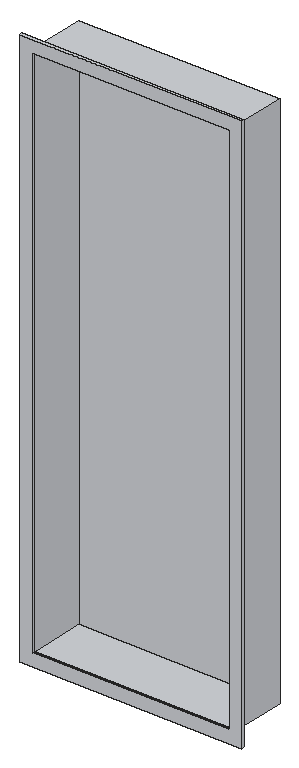
Revit family "Hager-Volta-IP30-Hollow_wall-vuoto-NoHosted-CH-it", category Electrical Equipment, Revit 2020
Family settings
  Panel Configuration = Two Columns, Circuits Across
  Round Connector Dimension = Use Diameter
  Part Type = Panelboard
  Work Plane-Based = Yes
  Always vertical = Yes
  Cut with Voids When Loaded = No
  Shared = No
  Room Calculation Point = No
Parameters (values of type "incassato  L330 A880 P94.5 12 Unità di divisione - VH60NK")
  Width Control [instance] = if([HG000006 - Ad incasso], if([EF000846 - larghezza di montaggio] > min_whd, [EF000846 - larghezza di montaggio], min_whd), if([EF000008 - Larghezza] > min_whd, ([EF000008 - Larghezza]), min_whd))  # 314 mm
  Void Depth [instance] = if([EF000218 - profondità di incasso] > 1 mm, [EF000218 - profondità di incasso], 1 mm)  # 90 mm
  Type Comments = [HG000003 - Gamma]  # "Volta"
  System Height [instance] = Height Control - 2 * [HG000005 - Spessore]  # 840 mm
  Panel Name [instance] = ""  # (empty or 0)
  Offset [instance] = 0 mm
  Model = [HG000004 - Codice produttore]  # "VH60NK"
  Level Offset [instance] = [Flush Mounted - Door Frame Width] + Offset  # 34 mm
  HG000017 - Distanza tra i poli = 18 mm
  HG000016 - Visibilità delle porte nella vista 3D [instance] = yes
  HG000015 - Visibilità attraverso la porta [instance] = no
  HG000014 - Porta destra [instance] = yes
  HG000013 - Porta sinistra [instance] = not([HG000014 - Porta destra])  # no
  HG000012 - Angolo di apertura della porta [instance] = 45.00°
  HG000011 - File vuote nella parte basse = no
  HG000010 - Porte asimmetriche = no
  HG000009 - Porta doppia a battente = no
  HG000008 - Numero di file vuote = 0
  HG000007 - Numero di colonne vuote = 0
  HG000006 - Ad incasso = yes
  HG000005 - Spessore = 3 mm  # constant formula
  HG000004 - Codice produttore = "VH60NK"
  HG000003 - Gamma = "Volta"
  HG000002 - Con porta = no
  HG000001 - Numero di colonne = 0
  EF015941 - Segnale di passaggio porta = no
  EF015777 - Morsettiera neutra = no
  EF015776 - Morsettiera di terra = no
  EF009212 - esecuzione coperchio = "EV000116 - chiuso"
  EF006306 - con serratura = no
  EF006244 - coperchio/porta trasparente = no
  EF005474 - grado di protezione (IP) = ""
  EF004462 - tipo di chiusura = ""
  EF002950 - Numero moduli DIN = 12
  EF001596 - Attacco Lampada = "EV000139 - plastica"
  EF001134 - barra DIN = no
  EF001131 - profondità interna = 92 mm
  EF001088 - possibilità di applicazione = yes
  EF001062 - esecuzione EMC = yes
  EF000846 - larghezza di montaggio = 314 mm
  EF000339 - tipo di copertura = ""
  EF000332 - Altezza della parte incassata = 846 mm
  EF000266 - numero di file = 5
  EF000218 - profondità di incasso = 90 mm
  EF000118 - con piastra di montaggio = no
  EF000116 - numero RAL = "9010"
  EF000049 - profondità = 94 mm
  EF000040 - Altezza = 880 mm
  EF000008 - Larghezza = 330 mm
  EF000007 - colore = "EV000202 - bianco"
  EF000003 - Tipo di montaggio = "EV000128 - parete forata"
  Description = ""
  Default Elevation = 1219.2 mm
  Arrow Offset [instance] = Depth Control / 8  # 11.25 mm
  Arrow Height [instance] = Depth Control - Arrow Offset  # 78.75 mm
  Host Offset [instance] = if([HG000006 - Ad incasso], 0 mm, [EF000049 - profondità])  # 0 mm
  min_whd [instance] = (2 * [HG000005 - Spessore]) + 1 mm  # 7 mm
  Manufacturer = "Hager"  # constant formula
  Height Control [instance] = if([HG000006 - Ad incasso], if([EF000332 - Altezza della parte incassata] > min_whd, [EF000332 - Altezza della parte incassata], min_whd), if([EF000040 - Altezza] > min_whd, ([EF000040 - Altezza]), min_whd))  # 846 mm
  Flush Mounted - Door Frame Width [instance] = if(([EF000040 - Altezza] - [EF000332 - Altezza della parte incassata]) > 0 mm, if([HG000006 - Ad incasso], [EF000040 - Altezza] - [EF000332 - Altezza della parte incassata], 0 mm), 0 mm)  # 34 mm
  Depth Control [instance] = if([HG000006 - Ad incasso], if([EF000218 - profondità di incasso] > 0 mm, [EF000218 - profondità di incasso], 1 mm), if([EF000049 - profondità] > 0 mm, ([EF000049 - profondità]), 1 mm))  # 90 mm
Types (5, lengths in mm): name | System Height | Model | Level Offset | HG000004 - Codice produttore | EF000332 - Altezza della parte incassata | EF000266 - numero di file | EF000040 - Altezza | Height Control | Flush Mounted - Door Frame Width
  incassato  L330 A355 P94.5 12 Unità di divisione - VH12NK | 340 | "VH12NK" | 9 | "VH12NK" | 346 | 1 | 355 | 346 | 9
  incassato  L330 A484 P94.5 12 Unità di divisione - VH24NK | 465 | "VH24NK" | 13 | "VH24NK" | 471 | 2 | 484 | 471 | 13
  incassato  L330 A609 P94.5 12 Unità di divisione - VH36NK | 590 | "VH36NK" | 13 | "VH36NK" | 596 | 3 | 609 | 596 | 13
  incassato  L330 A734 P94.5 12 Unità di divisione - VH48NK | 715 | "VH48NK" | 13 | "VH48NK" | 721 | 4 | 734 | 721 | 13
  incassato  L330 A880 P94.5 12 Unità di divisione - VH60NK | 840 | "VH60NK" | 34 | "VH60NK" | 846 | 5 | 880 | 846 | 34
Reference planes
  plane 1 "Center (Front/Back)": y = 0
  plane 2: z = 0
  plane 3 "Center (Left/Right)": x = 0
  plane 4: y = 37
  plane 5: y = 90
  plane 6: y = 34
  plane 7: z = 0
  plane 8: x = -157
  plane 9: x = 157
  plane 10: x = 154
  plane 11: x = -154
  plane 12: z = 34
  plane 13: z = 37
  plane 14: y = 5
  plane 15: y = 0
  plane 16: y = 87
  plane 17: z = 877
  plane 18: z = 880
  plane 19: z = 457
  plane 20: x = 0
  plane 21: y = -100
Forms (mm)
  Extrusion 1, solid
    sketch origin (-208.679, -4572, 34) x (-1, 0, 0) y (0, -1, 0)
      loop
        line (-51.679, -4572) -> (-365.679, -4572) -> (-365.679, -4662) -> (-51.679, -4662) -> (-51.679, -4572)
    from 0 to 846 <- "Height Control"
  Extrusion 2, void
    sketch origin (-350.771, 0, 1219.2) x (1, 0, 0) y (0, 0, 1)
      loop
        line (196.771, -342.2) -> (196.771, -1182.2) -> (504.771, -1182.2) -> (504.771, -342.2) -> (196.771, -342.2)
    from 0 to -87
  Extrusion 3, solid, detail levels coarse+medium
    sketch origin (-350.771, 0, 1219.2) x (-1, 0, 0) y (0, 0, 1)
      loop
        line (-196.771, -342.2) -> (-504.771, -342.2) -> (-504.771, -1182.2) -> (-196.771, -1182.2) -> (-196.771, -342.2)
    from 0 to 3 <- "HG000005 - Spessore"
Cuts and joins
  Extrusion 2 cuts Extrusion 1
Dimensions and locks
  "Flush Mounted - Door Frame Width": plane 1 "Center (Front/Back)" to plane 6
  "HG000005 - Spessore": plane 4 to plane 6
  "HG000005 - Spessore": plane 8 to plane 11
  "HG000005 - Spessore": plane 9 to plane 10
  equal spacing: plane 8, plane 3 "Center (Left/Right)", plane 9
  "Width Control": plane 8 to plane 9
  locked: plane 14 to plane 15 at 5
  "Host Offset": plane 1 "Center (Front/Back)" to plane 15
  "Depth Control": plane 5 to plane 15
  "HG000005 - Spessore": plane 5 to plane 16
  "HG000005 - Spessore": plane 13 to plane 12
  "Level Offset": plane 12 to level
  "HG000005 - Spessore": plane 18 to plane 17
  "Height Control": plane 18 to plane 12
  "Arrow Offset": plane 5 to nested 4
  equal spacing: plane 18, plane 19, plane 12
  locked: connector elem to plane 19
  locked: connector elem to plane 3 "Center (Left/Right)"
  aligned and locked: nested 1 to plane 14
  aligned and locked: plane 3 "Center (Left/Right)" to nested 1
  aligned and locked: plane 3 "Center (Left/Right)" to nested 2
  aligned and locked: nested 2 to plane 15
  aligned and locked: plane 5 to Extrusion 1
  aligned and locked: Extrusion 3 sketch curve to plane 17
  aligned and locked: Extrusion 3 sketch curve to plane 11
  aligned and locked: plane 13 to Extrusion 3 sketch curve
  aligned and locked: Extrusion 3 sketch curve to plane 10
  aligned and locked: plane 13 to Extrusion 2 sketch curve
  aligned and locked: Extrusion 2 sketch curve to plane 10
  aligned and locked: Extrusion 2 sketch curve to plane 17
  aligned and locked: Extrusion 2 sketch curve to plane 11
  aligned and locked: plane 16 to Extrusion 2
  aligned and locked: plane 5 to Extrusion 1 sketch curve
  aligned and locked: plane 9 to Extrusion 1 sketch curve
  aligned and locked: plane 8 to Extrusion 1 sketch curve
  aligned and locked: plane 8 to nested 4
  aligned and locked: plane 8 to nested 3
  aligned and locked: nested 3 to plane 5
  aligned and locked: Extrusion 1 sketch curve to plane 15
  aligned and locked: Extrusion 2 to plane 15
Nested families
  nested 1: "Hager_Enclosure_System" at (0, 5, 37), Flush_Mounted <- "HG000006 - Ad incasso", Width <- "EF000008 - Larghezza", Height <- "System Height", Width_Control <- "Width Control", Row_Module_Multiplicator <- "EF002950 - Numero moduli DIN", Empty_Columns <- "HG000007 - Numero di colonne vuote", Built-in_Width <- "EF000846 - larghezza di montaggio", Border <- "HG000005 - Spessore", Total_No_Empty_Rows <- "HG000008 - Numero di file vuote", Depth <- "HG000005 - Spessore", Empty_Rows_From_Bottom <- "HG000011 - File vuote nella parte basse", Distance_Between_Poles <- "HG000017 - Distanza tra i poli", Rows_Count <- "EF000266 - numero di file", Columns_Count <- "HG000001 - Numero di colonne", type "Hager_Enclosure_System", detail levels medium+fine
    with Width_Control 314 mm, Width 330 mm, Total_No_Rows 5, Total_No_Empty_Rows 0, Total_No_Columns 1, System_Width 308 mm, Rows_Count 5, Rows_Column 5, Row_Module_Multiplicator 12, Panel_4 no, Panel_3 no, Panel_2 no, Panel_1 no, No_Panels_Ctrl 1, Hide_Columns yes, Height 840 mm, Flush_Mounted yes, Empty_Rows_From_Bottom no, Empty_Rows_Column 0, Empty_Columns 0, Distance_Between_Poles 18 mm, Depth 3 mm, Columns_Count 0, Column_Width 308 mm, Built-in_Width 314 mm, Border 3 mm
  nested 2: "Hager_Enclosure_Door" at (0, 0, 34), Double <- "HG000009 - Porta doppia a battente", Height_Ctrl <- "Height Control", Transparent <- "EF006244 - coperchio/porta trasparente", Depth <- "EF000049 - profondità", Height <- "EF000040 - Altezza", Angle <- "HG000012 - Angolo di apertura della porta", Door_Right <- "HG000014 - Porta destra", Assymetrical <- "HG000010 - Porte asimmetriche", Flush_Mounted <- "HG000006 - Ad incasso", BuiltIn_Depth <- "EF000218 - profondità di incasso", BuiltIn_Width <- "EF000846 - larghezza di montaggio", Door <- "HG000002 - Con porta", Width_Ctrl <- "Width Control", 3d_Door <- "HG000016 - Visibilità delle porte nella vista 3D", Width <- "EF000008 - Larghezza", Border <- "HG000005 - Spessore", BuiltIn_Height <- "EF000332 - Altezza della parte incassata", Clearance <- "HG000015 - Visibilità attraverso la porta", Door_Left <- "HG000013 - Porta sinistra", type "Hager_Enclosure_Door", detail levels medium+fine
    with min_wh 7 mm, Width_Ctrl 314 mm, Width 330 mm, Transparent_Door_No_Bottom_Border no, Transparent no, Leaf_Width 305 mm, Leaf_Tolerance 1.5 mm, Leaf_Height 837 mm, Leaf_2_Width 305 mm, Leaf_2_Offset 152.5 mm, Leaf_1_Width 305 mm, Leaf_1_Offset 152.5 mm, Height_Ctrl 846 mm, Height 880 mm, Frame_Width_Ctrl 16 mm, Frame_Width 16 mm, Frame_Internal_Offset 3 mm, Frame_Height_Ctrl 34 mm, Frame_Height 34 mm, Frame_Depth_Ctrl 4 mm, Frame_Depth 4 mm, Flush_Mounted yes, Double_Clearance_Ctrl no, Double no, Door_Right_Ctrl no, Door_Right yes, Door_Left_Ctrl no, Door_Left no, Door no, Depth 94 mm, Clearance_Depth 305 mm, Clearance_Ctrl no, Clearance no, BuiltIn_Width 314 mm, BuiltIn_Height 846 mm, BuiltIn_Depth 90 mm, Border 3 mm, Assymetrical no, Angle 45.00°, 3d_Door yes
  nested 3: "Hager_Enclosure_Symbol_Triangle" at (-157, 90, 0), Depth <- "Depth Control", Width <- "Width Control", type "Hager_Enclosure_Symbol_Triangle"
    with Width_Ctrl 314 mm, Width 314 mm, Depth_Ctrl 90 mm, Depth 90 mm
  nested 4: "Hager_Enclosure_Symbol_Arrow" at (-157, 78.75, 0), Height <- "Arrow Height", type "Hager_Enclosure_Symbol_Arrow"
    with Width_Inside 5.906 mm, Width 70.875 mm, Height_Ctrl 78.75 mm, Height 78.75 mm
Connectors
  electrical at (0, 90, 457)
    settings: on plane 5, index 1, voltage 0 V, apparent load 0 VA, apparent load phase1 0 VA, apparent load phase2 0 VA, apparent load phase3 0 VA, power factor 1, load classification "Other", number of poles 1, system type 30, power factor state 1, is connector primary yes, connector utility no, sub classification motor no, connector description ""
Definition of nested family "Hager_Enclosure_Door"
  Parameters (values of type "Hager_Enclosure_Door")
    min_wh [instance] = (2 * Border) + 1 mm  # 11 mm
    Width_Ctrl [instance] = 400 mm
    Width [instance] = 500 mm
    Transparent_Door_No_Bottom_Border [instance] = no
    Transparent [instance] = yes
    Leaf_Width [instance] = if((Width_Ctrl - 2 * Border - 2 * Leaf_Tolerance) > 0 mm, (Width_Ctrl - 2 * Border - 2 * Leaf_Tolerance), min_wh)  # 387 mm
    Leaf_Tolerance [instance] = 1.5 mm  # constant formula
    Leaf_Height [instance] = if((Height_Ctrl - 2 * Border - 2 * Leaf_Tolerance) > 0 mm, (Height_Ctrl - 2 * Border - 2 * Leaf_Tolerance), min_wh)  # 387 mm
    Leaf_2_Width [instance] = if(and(and(Double, Assymetrical), Door_Left), (Leaf_Width / 3) - (Leaf_Tolerance / 2), if(and(and(Double, Assymetrical), Door_Right), (Leaf_Width / 3) * 2 - (Leaf_Tolerance / 2), if(and(Double, not(Assymetrical)), (Leaf_Width / 2) - Leaf_Tolerance, Leaf_Width)))  # 387 mm
    Leaf_2_Offset [instance] = if(and(Double, Assymetrical), Leaf_2_Width / 2, if(and(Double, not(Assymetrical)), Leaf_Width / 4, Leaf_Width / 2))  # 193.5 mm
    Leaf_1_Width [instance] = if(and(and(Double, Assymetrical), Door_Right), (Leaf_Width / 3) - (Leaf_Tolerance / 2), if(and(and(Double, Assymetrical), Door_Left), (Width / 3) * 2 - (Leaf_Tolerance / 2), if(and(Double, not(Assymetrical)), (Leaf_Width / 2) - Leaf_Tolerance, Leaf_Width)))  # 387 mm
    Leaf_1_Offset [instance] = if(and(Double, Assymetrical), Leaf_1_Width / 2, if(and(Double, not(Assymetrical)), Leaf_Width / 4, Leaf_Width / 2))  # 193.5 mm
    Height_Ctrl [instance] = 400 mm
    Height [instance] = 500 mm
    Frame_Width_Ctrl [instance] = if(Frame_Width > 0 mm, Frame_Width, 1 mm)  # 1 mm
    Frame_Width [instance] = Width - BuiltIn_Width  # 0 mm
    Frame_Internal_Offset [instance] = if(Flush_Mounted, Border, 0 mm)  # 5 mm
    Frame_Height_Ctrl [instance] = if(Frame_Height > 0 mm, Frame_Height, 1 mm)  # 1 mm
    Frame_Height [instance] = Height - BuiltIn_Height  # 0 mm
    Frame_Depth_Ctrl [instance] = if(Frame_Depth > 0 mm, Frame_Depth, 1 mm)  # 1 mm
    Frame_Depth [instance] = if(Depth - BuiltIn_Depth > 0 mm, if(Flush_Mounted, Depth - BuiltIn_Depth, 0 mm), 0 mm)  # 0 mm
    Flush_Mounted [instance] = yes
    Double_Clearance_Ctrl [instance] = and(Double, Clearance)  # no
    Double [instance] = no
    Door_Right_Ctrl [instance] = and(or(Door_Right, Double), Door)  # yes
    Door_Right [instance] = yes
    Door_Left_Ctrl [instance] = and(or(Door_Left, Double), Door)  # no
    Door_Left [instance] = no
    Door [instance] = yes
    Depth [instance] = 500 mm
    Default Elevation = 1219.2 mm
    Clearance_Material = none
    Clearance_Depth [instance] = if(Leaf_1_Width > Leaf_2_Width, Leaf_1_Width, Leaf_2_Width)  # 387 mm
    Clearance_Ctrl [instance] = and(not(Double), Clearance)  # yes
    Clearance [instance] = yes
    BuiltIn_Width [instance] = 500 mm
    BuiltIn_Height [instance] = 500 mm
    BuiltIn_Depth [instance] = 500 mm
    Border [instance] = 5 mm
    Assymetrical [instance] = yes
    Angle [instance] = 30.00°
    3d_Door [instance] = yes
  Reference planes
    plane 1 "Center (Front/Back)": y = 0
    plane 2 "Bottom": z = 0
    plane 3 "Center (Left/Right)": x = 0
    plane 4: z = 400
    plane 5: x = -200
    plane 6: x = 200
    plane 7: z = 395
    plane 8: x = -195
    plane 9: z = 5
    plane 10: x = 195
    plane 11: y = 0
    plane 12: z = 6.5
    plane 13: x = -582
    plane 14: y = -387
    plane 15: x = 582
    plane 16: x = 0
    plane 17: x = 0
    plane 18: x = -193.5
    plane 19: x = 193.5
    plane 20: z = 393.5
  Forms (mm)
    Extrusion 1, solid, visible <- "Flush_Mounted"
      sketch origin (0, 0, 0) x (1, 0, 0) y (0, 0, 1)
        loop
          line (195, 5) -> (195, 395) -> (-195, 395) -> (-195, 5) -> (195, 5)
        loop
          line (-201, 401) -> (-201, -1) -> (201, -1) -> (201, 401) -> (-201, 401)
      from 0 to 1 <- "Frame_Depth_Ctrl"
    Extrusion 2, solid, material <- "Clearance_Material", visible <- "Double_Clearance_Ctrl"
      sketch origin (1200, 0, 0) x (1, 0, 0) y (0, 0, -1)
        loop
          line (-1782, -393.5) -> (-618, -393.5) -> (-618, 0) -> (-1782, 0) -> (-1782, -393.5)
      from 0 to -387
  Dimensions and locks
    equal spacing: plane 5, plane 3 "Center (Left/Right)", plane 6
    "Width_Ctrl": plane 5 to plane 6
    "Border": plane 5 to plane 8
    "Border": plane 6 to plane 10
    "Border": plane 9 to level
    "Border": plane 4 to plane 7
    "Height_Ctrl": plane 4 to level
    "Leaf_Tolerance": plane 12 to plane 9
    "Frame_Depth": plane 11 to plane 1 "Center (Front/Back)"
    "Frame_Width_Ctrl": plane 5 to Extrusion 1 sketch curve
    "Frame_Width_Ctrl": plane 6 to Extrusion 1 sketch curve
    "Frame_Width_Ctrl": Extrusion 1 sketch curve to plane 4
    "Frame_Width_Ctrl": plane 2 "Bottom" to Extrusion 1 sketch curve
    "Leaf_1_Offset": plane 18 to plane 16
    "Leaf_2_Offset": plane 17 to plane 19
    "Leaf_1_Width": plane 13 to plane 8
    "Leaf_2_Width": plane 10 to plane 15
    "Clearance_Depth": plane 14 to plane 1 "Center (Front/Back)"
    "Leaf_Tolerance": plane 8 to plane 18
    "Leaf_Tolerance": plane 19 to plane 10
    "Leaf_Tolerance": plane 7 to plane 20
    "Frame_Internal_Offset": plane 5 to Extrusion 1 sketch curve
    "Frame_Internal_Offset": Extrusion 1 sketch curve to plane 2 "Bottom"
    "Frame_Internal_Offset": plane 6 to Extrusion 1 sketch curve
    "Frame_Internal_Offset": plane 4 to Extrusion 1 sketch curve
    aligned and locked: level to plane 2 "Bottom"
    aligned and locked: nested 1 to plane 16
    aligned and locked: nested 2 to plane 17
    aligned and locked: Extrusion 2 to plane 13
    aligned and locked: plane 15 to Extrusion 2
    aligned and locked: Extrusion 2 to plane 14
    aligned and locked: plane 12 to nested 1
    aligned and locked: nested 2 to plane 12
    aligned and locked: Extrusion 2 to plane 11
    aligned and locked: plane 20 to Extrusion 2
    aligned and locked: nested 2 to plane 11
    aligned and locked: nested 1 to plane 11
  Automatic sketch dimensions
    Extrusion 2 sketch curve to level = 0 mm
    plane 5 to Extrusion 2 sketch curve = 382 mm
    plane 6 to Extrusion 2 sketch curve = 382 mm
    Extrusion 2 sketch curve to plane 4 = 6.5 mm
  Nested families
    nested 1: "Hager_Enclosure_Door_Leaf" at (0, 0, 6.5), Width <- "Leaf_1_Width", visible <- "Door_Left_Ctrl", Leaf_Height <- "Leaf_Height", Angle <- "Angle", Depth <- "Border", 3d_Door <- "3d_Door", Transparent <- "Transparent", Clearance Material <- "Clearance_Material", Clearance <- "Clearance_Ctrl", Transparent_Door_No_Bottom_Border <- "Transparent_Door_No_Bottom_Border", type "Hager_Enclosure_Door_Leaf"
      with Width 387 mm, Transparent_Door_No_Bottom_Border no, Transparent_Door_Border_Bottom_Top 25 mm, Transparent_Door_Border 25 mm, Transparent_Ctrl yes, Transparent yes, Standard no, Leaf_Height 387 mm, Glass_Offset 1 mm, Depth 5 mm, Clearance Material none, Clearance yes, Angle_Ctrl 30.00°, Angle 30.00°, 3d_Door yes
    nested 2: "Hager_Enclosure_Door_Leaf" at (0, 0, 6.5) x (-1, 0, 0) z (0, 0, 1), Width <- "Leaf_2_Width", visible <- "Door_Right_Ctrl", Leaf_Height <- "Leaf_Height", Angle <- "Angle", Depth <- "Border", 3d_Door <- "3d_Door", Transparent <- "Transparent", Clearance Material <- "Clearance_Material", Clearance <- "Clearance_Ctrl", Transparent_Door_No_Bottom_Border <- "Transparent_Door_No_Bottom_Border", type "Hager_Enclosure_Door_Leaf"
      with Width 387 mm, Transparent_Door_No_Bottom_Border no, Transparent_Door_Border_Bottom_Top 25 mm, Transparent_Door_Border 25 mm, Transparent_Ctrl yes, Transparent yes, Standard no, Leaf_Height 387 mm, Glass_Offset 1 mm, Depth 5 mm, Clearance Material none, Clearance yes, Angle_Ctrl 30.00°, Angle 30.00°, 3d_Door yes
  Definition of nested family "Hager_Enclosure_Door_Leaf"
    Parameters (values of type "Hager_Enclosure_Door_Leaf")
      Width [instance] = 2000 mm
      Transparent_Door_No_Bottom_Border [instance] = yes
      Transparent_Door_Border_Bottom_Top [instance] = if(Transparent_Door_No_Bottom_Border, 0.1 mm, Transparent_Door_Border)  # 0.1 mm
      Transparent_Door_Border [instance] = if(Transparent_Door_No_Bottom_Border, (Width * 0.12), 25 mm)  # 240 mm
      Transparent_Ctrl [instance] = and(Transparent, [3d_Door])  # yes
      Transparent [instance] = yes
      Standard [instance] = and(not(Transparent), [3d_Door])  # no
      Leaf_Height [instance] = 2720.336 mm
      Glass_Offset [instance] = if((Depth - 10 mm) / 2 > 0 mm, (Depth - 10 mm) / 2, 1 mm)  # 15 mm
      Glass_Material = none
      Depth [instance] = 40 mm
      Default Elevation = 0 mm
      Clearance Material [instance] = none
      Clearance [instance] = yes
      Angle_Ctrl [instance] = if(Angle > 170.00°, 170.00°, Angle)  # 45.00°
      Angle [instance] = 45.00°
      3d_Door [instance] = yes
    Reference planes
      plane 1 "Center (Front/Back)": y = 0
      plane 2: z = 0
      plane 3 "Center (Left/Right)": x = 0
      plane 4: y = 2000
      plane 5: x = -1000
      plane 6: x = 1000
      plane 7: x = -3000
      plane 8: z = 2720.336
      plane 9: z = 0.1
      plane 10: z = 2720.236
      plane 11: x = 760
      plane 12: x = -760
    Forms (mm)
      Extrusion 1, solid, material <- "Clearance Material", visible <- "Clearance"
        sketch origin (0, 0, 0) x (1, 0, 0) y (0, 0, 1)
          loop
            line (-3000, 2720.336) -> (-3000, 0) -> (1000, 0) -> (1000, 2720.336) -> (-3000, 2720.336)
        from 0 to -2000
      Extrusion 2, solid, visible <- "Standard", detail levels medium+fine
        sketch origin (-1000, 0, 0) x (0.707107, 0.707107, 0) y (-0.707107, 0.707107, 0)
          loop
            line (0, -40) -> (2000, -40) -> (2000, 0) -> (0, 0) -> (0, -40)
        from 0 to 2720.336 <- "Leaf_Height"
      Extrusion 3, solid, visible <- "Transparent_Ctrl", detail levels medium+fine
        sketch origin (-1000, 0, 0) x (0.707107, 0.707107, 0) y (-0.707107, 0.707107, 0)
          loop
            line (0, -40) -> (2000, -40) -> (2000, 0) -> (0, 0) -> (0, -40)
        from 0 to 2720.336 <- "Leaf_Height"
      Extrusion 4, void, detail levels medium+fine
        sketch origin (-1000, 0, 0) x (-0.707107, 0.707107, 0) y (0.707107, 0.707107, 0)
          loop
            line (0, 240) -> (0, 1760) -> (-40, 1760) -> (-40, 240) -> (0, 240)
        from -2720.236 to -0.1
      Extrusion 5, solid, material <- "Glass_Material", visible <- "Transparent_Ctrl", detail levels medium+fine
        sketch origin (-1000, 0, 0) x (0.707107, 0.707107, 0) y (-0.707107, 0.707107, 0)
          loop
            line (240, -15) -> (240, -25) -> (1760, -25) -> (1760, -15) -> (240, -15)
        from 0.1 to 2720.236
    Cuts and joins
      Extrusion 4 cuts Extrusion 3
    Lines and regions (mm)
      symbolic lines
        curve 1: line (1000, 0, 0) -> (-3000, 0, 0)
        curve 2: arc (1000, 0, 0) -> (-1000, 2000, 0) -> (-3000, 0, 0) r 2000
        curve 4: line (-1000, 0, 0) -> (414.214, 1414.214, 0)
      reference lines
        curve 3: line (-1000, 0, 0) -> (414.214, 1414.214, 0)
      symbolic lines, detail levels medium+fine
        curve 5: line (414.214, 1414.214, 0) -> (442.498, 1385.929, 0)
        curve 6: line (442.498, 1385.929, 0) -> (-971.716, -28.284, 0)
        curve 7: line (-971.716, -28.284, 0) -> (-1000, 0, 0)
        curve 8: line (-1000, 0, 2720.336) -> (1000, 0, 2720.336)
        curve 9: line (-1000, 0, 0) -> (-1000, 0, 2720.336)
        curve 10: line (1000, 0, 0) -> (-1000, 0, 0)
        curve 11: line (1000, 0, 2720.336) -> (1000, 0, 0)
      symbolic lines, visible <- "Transparent_Ctrl", detail levels medium+fine
        curve 12: line (-760, 0, 2720.236) -> (760, 0, 2720.236)
        curve 13: line (-760, 0, 0.1) -> (-760, 0, 2720.236)
        curve 14: line (760, 0, 0.1) -> (-760, 0, 0.1)
        curve 15: line (760, 0, 2720.236) -> (760, 0, 0.1)
    Dimensions and locks
      "Width": plane 1 "Center (Front/Back)" to plane 4
      equal spacing: plane 5, plane 3 "Center (Left/Right)", plane 6
      "Width": plane 5 to plane 6
      "Width": plane 7 to plane 5
      "Leaf_Height": plane 8 to level
      "Depth": curve 6 to curve 3
      "Width": curve 5 to curve 3
      "Width": curve 3 to curve 3
      "Transparent_Door_Border": Extrusion 4 sketch curve to curve 7
      "Transparent_Door_Border": Extrusion 4 sketch curve to curve 5
      "Transparent_Door_Border_Bottom_Top": plane 8 to plane 10
      "Transparent_Door_Border_Bottom_Top": plane 9 to level
      "Glass_Offset": Extrusion 5 sketch curve to curve 4
      "Glass_Offset": Extrusion 5 sketch curve to curve 6
      "Transparent_Door_Border": Extrusion 5 sketch curve to curve 5
      "Transparent_Door_Border": Extrusion 5 sketch curve to curve 7
      "Transparent_Door_Border": plane 12 to plane 5
      "Transparent_Door_Border": plane 6 to plane 11
      "Angle_Ctrl": angle plane 1 "Center (Front/Back)" to curve 3
      aligned and locked: level to plane 2
      aligned and locked: Extrusion 1 to curve 1
      aligned and locked: plane 6 to Extrusion 1
      aligned and locked: Extrusion 1 to plane 1 "Center (Front/Back)"
      aligned and locked: plane 4 to Extrusion 1
      aligned and locked: plane 8 to Extrusion 1
      aligned and locked: curve 4 to curve 3
      aligned and locked: Extrusion 2 sketch curve to curve 7
      aligned and locked: Extrusion 2 sketch curve to curve 6
      aligned and locked: Extrusion 2 sketch curve to curve 5
      aligned and locked: Extrusion 2 sketch curve to curve 3
      aligned and locked: curve 7 to Extrusion 3 sketch curve
      aligned and locked: Extrusion 3 sketch curve to curve 4
      aligned and locked: Extrusion 3 sketch curve to curve 6
      aligned and locked: Extrusion 3 sketch curve to curve 5
      aligned and locked: curve 4 to Extrusion 4 sketch curve
      aligned and locked: curve 6 to Extrusion 4 sketch curve
      aligned and locked: Extrusion 4 to plane 9
      aligned and locked: Extrusion 4 to plane 10
      aligned and locked: Extrusion 5 to plane 9
      aligned and locked: Extrusion 5 to plane 10
      aligned and locked: curve 8 to plane 8
      aligned and locked: plane 5 to curve 9
      aligned and locked: plane 2 to curve 10
      aligned and locked: curve 11 to plane 6
      aligned and locked: plane 10 to curve 12
      aligned and locked: plane 12 to curve 13
      aligned and locked: curve 14 to plane 9
      aligned and locked: plane 11 to curve 15
    Automatic sketch dimensions
      plane 1 "Center (Front/Back)" to curve 2 = 0 mm
      curve 2 to plane 5 = 0 mm
      Extrusion 1 sketch curve to level = 0 mm
      Extrusion 1 sketch curve to plane 7 = 0 mm
      Extrusion 1 sketch curve to plane 6 = 0 mm
      Extrusion 1 sketch curve to plane 8 = 0 mm
      plane 1 "Center (Front/Back)" to curve 3 = 0 mm
      curve 3 to plane 5 = 0 mm
      curve 7 to curve 3 = 0 mm
Definition of nested family "Hager_Enclosure_Symbol_Triangle"
  Parameters (values of type "Hager_Enclosure_Symbol_Triangle")
    Width_Ctrl [instance] = if(Width > 1 mm, Width, 1 mm)  # 498 mm
    Width [instance] = 498 mm
    Depth_Ctrl [instance] = if(Depth > 1 mm, Depth, 1 mm)  # 72 mm
    Depth [instance] = 72 mm
  Reference planes
    plane 1 "Centre (avant/arrière)": y = 0
    plane 2: z = 0
    plane 3 "Centre (gauche/droite)": x = 0
  Lines and regions (mm)
    Filled region 1, type "Solid_Black", in view "Niveau de réf."
      outline origin (0, 0, 0) x (1, 0, 0) y (0, 1, 0)
        loop
          line (0, 0) -> (498, 0) -> (498, 72) -> (0, 0)
    reference lines, in view "Niveau de réf."
      curve 1: line (-206.153, 72, 0) -> (1083.258, 72, 0)
      curve 2: line (498, 405.456, 0) -> (498, -517.619, 0)
  Dimensions and locks
    "Depth_Ctrl": plane 1 "Centre (avant/arrière)" to curve 1
    "Width_Ctrl": plane 3 "Centre (gauche/droite)" to curve 2
    aligned and locked: curve 1 to Filled region 1 sketch curve
    aligned and locked: Filled region 1 sketch curve to plane 1 "Centre (avant/arrière)"
    aligned and locked: curve 2 to Filled region 1 sketch curve
    aligned and locked: plane 3 "Centre (gauche/droite)" to Filled region 1 sketch curve
    aligned and locked: plane 1 "Centre (avant/arrière)" to Filled region 1 sketch curve
  Automatic sketch dimensions
    curve 1 to plane 3 "Centre (gauche/droite)" = 206.153 mm
    curve 2 to curve 1 = 585.258 mm
    plane 1 "Centre (avant/arrière)" to curve 2 = 517.619 mm
    curve 2 to plane 1 "Centre (avant/arrière)" = 405.456 mm
Definition of nested family "Hager_Enclosure_Symbol_Arrow"
  Parameters (values of type "Hager_Enclosure_Symbol_Arrow")
    Width_Inside [instance] = if(Width / 12 > 2 mm, Width / 12, 2 mm)  # 4.987 mm
    Width [instance] = if(Height_Ctrl * 0.9 > 2 mm, Height_Ctrl * 0.9, 2 mm)  # 59.85 mm
    Height_Ctrl [instance] = if(Height > 2 mm, Height, 2 mm)  # 66.5 mm
    Height [instance] = 66.5 mm
  Reference planes
    plane 1 "Centre (avant/arrière)": y = 0
    plane 2: z = 0
    plane 3 "Centre (gauche/droite)": x = 0
    plane 4: x = 59.85
    plane 5: y = 28.263
    plane 6: y = 38.238
    plane 7: y = 66.5
    plane 8: x = 29.925
    plane 9: y = 33.25
  Lines and regions (mm)
    Filled region 1, type "Solid_Black", in view "Niveau de réf."
      outline origin (0, 0, 0) x (1, 0, 0) y (0, 1, 0)
        loop
          line (59.85, 66.5) -> (37.929, 52.827) -> (51.846, 41.935) -> (59.85, 66.5)
    detail lines, in view "Niveau de réf."
      curve 1: line (0, 0, 0) -> (29.925, 38.238, 0)
      curve 2: line (29.925, 38.238, 0) -> (29.925, 28.263, 0)
      curve 3: line (29.925, 28.263, 0) -> (59.85, 66.5, 0)
  Dimensions and locks
    "Width": plane 3 "Centre (gauche/droite)" to plane 4
    "Height_Ctrl": plane 7 to plane 1 "Centre (avant/arrière)"
    equal spacing: plane 3 "Centre (gauche/droite)", plane 8, plane 4
    equal spacing: plane 7, plane 9, plane 1 "Centre (avant/arrière)"
    equal spacing: plane 6, plane 9, plane 5
    "Width_Inside": plane 6 to plane 9
    equal spacing: curve 3, Filled region 1 sketch curve, Filled region 1 sketch curve
    angle Filled region 1 sketch curve to curve 3 = 20.00°
    angle curve 3 to Filled region 1 sketch curve = 20.00°
    locked: curve 3 to Filled region 1 sketch curve (angle 90.00°)
  Automatic sketch dimensions
    plane 1 "Centre (avant/arrière)" to curve 1 = 0 mm
    curve 1 to plane 3 "Centre (gauche/droite)" = 0 mm
    curve 2 to plane 6 = 0 mm
    curve 3 to plane 8 = 0 mm
    curve 3 to plane 4 = 0 mm
    curve 2 to plane 5 = 0 mm
    curve 3 to plane 7 = 0 mm
    Filled region 1 sketch curve to plane 4 = 0 mm
    Filled region 1 sketch curve to plane 7 = 0 mm
